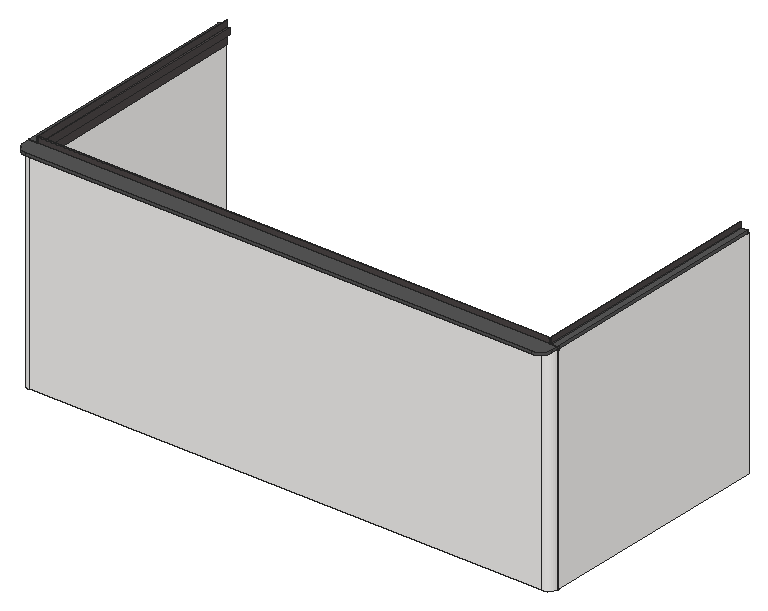
Revit family "vanity unit with 1 drawers for consoles with countertop basin ground", category Furniture, Revit 2019 (continued)
Definition of nested family "vanity unit 1180_550 with 1 drawer for consoles with countertop basin ground-54065670-dark walnut-matt_black-200_content"
  Parameters (values of type "Vanity unit 1180_550 with 1 drawer for consoles with countertop basin ground-54065670-Dark Walnut-MATT_BLACK-200_Content")
    BASENUMBER = "Vanity unit 1180/550 with 1 drawer for consoles with countertop basin ground"
    ARTNR = "54065670"
  Reference planes
    plane 1 "Center (Front/Back)": y = 0
    plane 2: z = 0
    plane 3 "Center (Left/Right)": x = 0
  Forms (mm)
    Extrusion 1, solid, visible <- "ContentVisible", detail levels medium+fine
      sketch origin (0, 0, 0) x (1, 0, 0) y (0, 1, 0)
        loop
          line (-590, 0) -> (-590, -551) -> (590, -551) -> (590, 0) -> (574, 0) -> (574, -117) -> (-574, -117) -> (-574, 0) -> (-590, 0)
      from 0 to 480
    Extrusion 2, solid, visible <- "ContentVisible", detail levels medium+fine
      sketch origin (0, 0, 480) x (1, 0, 0) y (0, 1, 0)
        loop
          line (-588.5, -528.5) -> (-588.5, -571) -> (588.5, -571) -> (588.5, -528.5) -> (-588.5, -528.5)
      from 0 to 5
    Extrusion 3, solid, visible <- "ContentVisible", detail levels medium+fine
      sketch origin (0, 0, 0) x (1, 0, 0) y (0, 0, -1)
        loop
          line (-574, -447) -> (-574, -485) -> (-572.5, -485) -> (-572.5, -447) -> (-574, -447)
      from -530 to 0
    Extrusion 4, solid, visible <- "ContentVisible", detail levels medium+fine
      sketch origin (0, 0, 0) x (1, 0, 0) y (0, 0, -1)
        loop
          line (572.5, -446.8) -> (572.5, -485) -> (574, -485) -> (574, -446.8) -> (572.5, -446.8)
      from -530 to 0
    Extrusion 5, solid, visible <- "ContentVisible", detail levels medium+fine
      sketch origin (0, 0, 480) x (1, 0, 0) y (0, 1, 0)
        loop
          line (-590, 0) -> (-590, -530) -> (-574, -530) -> (-574, 0) -> (-590, 0)
      from 0 to 5
    Extrusion 6, solid, visible <- "ContentVisible", detail levels medium+fine
      sketch origin (0, 0, 480) x (1, 0, 0) y (0, 1, 0)
        loop
          line (574, 0) -> (574, -530) -> (590, -530) -> (590, 0) -> (574, 0)
      from 0 to 5
    Extrusion 7, solid, visible <- "ContentVisible", detail levels medium+fine
      sketch origin (0, 0, 0) x (1, 0, 0) y (0, 0, -1)
        loop
          line (-572.5, -447) -> (-572.5, -496) -> (-566.4, -496) -> (-566.4, -447) -> (-572.5, -447)
      from -528.5 to 0
    Extrusion 8, solid, visible <- "ContentVisible", detail levels medium+fine
      sketch origin (0, 0, 0) x (1, 0, 0) y (0, 0, -1)
        loop
          line (566.4, -447) -> (566.4, -496) -> (572.5, -496) -> (572.5, -447) -> (566.4, -447)
      from -528.5 to 0
    Extrusion 9, solid, visible <- "ContentVisible", detail levels medium+fine
      sketch origin (0, 0, 0) x (0, 0, -1) y (0, 1, 0)
        loop
          line (-496, -528.5) -> (-447, -528.5) -> (-447, -522.4) -> (-496, -522.4) -> (-496, -528.5)
      from -572.5 to 572.5
    Extrusion 10, solid, visible <- "ContentVisible", detail levels coarse
      sketch origin (0, -285.5, 0) x (1, 0, 0) y (0, 1, 0)
        loop
          line (-590, -285.5) -> (590, -285.5) -> (590, 285.5) -> (-590, 285.5) -> (-590, -285.5)
      from 0 to 496
  Dimensions and locks
    aligned and locked: level to plane 2
Definition of nested family "vanity unit 1180_550 with 1 drawer for consoles with countertop basin ground-54065670-dark walnut-matt_black-400_content"
  Parameters (values of type "Vanity unit 1180_550 with 1 drawer for consoles with countertop basin ground-54065670-Dark Walnut-MATT_BLACK-400_Content")
    etim7_EC011381 = "EC011381"
    WEIGHT = "34.3"
    UNSPSC = "56 | Furniture and Furnishings"
    UNIFORMATII = "E2010 | Fixed Furnishings"
    UNICLASS_2015_CODE = "40_30_78_05"
    UNICLASS2015 = "Pr_40_30_78_05 | Bathroom furniture"
    SURFACE = "MATT_BLACK"
    REGIONSET = "Worldwide"
    PRODUCTURL = "https://pro.hansgrohe.com/articledetail--54065000"
    PRODUCTGROUP = "vanity unit"
    PRODUCTFAMILY = "Xelu Q"
    PERMALINK = "54065XXX"
    OMNICLASS = "23-21 19 15 33 13 | Residential Bathroom Specialty Casework"
    OBJECTTYPE = "Object (single object)"
    OBERFLAECHE = "Dark Walnut"
    NN = "Vanity Unit with 1 Drawers for consoles with countertop basin ground"
    NBSYN = "$BASENUMBER.-$ARTNR.-$OBERFLAECHE.-$SURFACE.-$LODLEVEL."
    NB = "Vanity unit 1180/550 with 1 drawer for consoles with countertop basin ground-54065670-Dark Walnut-MATT_BLACK-400"
    NAME = "Xelu Q Vanity unit Dark Walnut 1180/550 with 1 drawer for consoles with countertop basin ground"
    Model = "Vanity unit 1180/550 with 1 drawer for consoles with countertop basin ground-54065670-Dark Walnut-MATT_BLACK-400"
    Manufacturer = "Hansgrohe"
    MASTERFORMAT = "12 35 30.23 | Bathroom Casework"
    LODLEVEL = "400"
    LINA = "Vanity unit 1180/550 with 1 drawer for consoles with countertop basin ground-54065670-Dark Walnut-MATT_BLACK-400"
    L = 1180
    IFC = "Furnishing element"
    GTINCODE = "4059625456408"
    ETIM = "EC011381 | Bathroom furniture set"
    Default Elevation = 1219.2 mm
    DESIGN = "Germany"
    ContentVisible [instance] = yes
    CATALOG = "Hansgrohe"
    BIMOBJECT = "Sanitary: Compound units"
    BASENUMBER = "Vanity unit 1180/550 with 1 drawer for consoles with countertop basin ground"
    ARTNR = "54065670"
  Reference planes
    plane 1 "Center (Front/Back)": y = 0
    plane 2: z = 0
    plane 3 "Center (Left/Right)": x = 0
  Forms (mm)
    Extrusion 1, solid, visible <- "ContentVisible", detail levels medium+fine
      sketch origin (0, 0, 0) x (1, 0, 0) y (0, 1, 0)
        loop
          line (-590, 0) -> (-590, -527)
          arc (-590, -527) -> (-589.121, -529.121) -> (-587, -530) r 3
          line (-587, -530) -> (-574, -530) -> (-574, 0) -> (-590, 0)
      from 0 to 480
    Extrusion 2, solid, visible <- "ContentVisible", detail levels medium+fine
      sketch origin (0, 0, 0) x (1, 0, 0) y (0, 1, 0)
        loop
          line (-574, -133) -> (-574, -499.5) -> (574, -499.5) -> (574, -133) -> (-574, -133)
      from 0 to 16
    Extrusion 3, solid, visible <- "ContentVisible", detail levels medium+fine
      sketch origin (0, 0, 0) x (1, 0, 0) y (0, 1, 0)
        loop
          line (574, 0) -> (574, -530) -> (587, -530)
          arc (587, -530) -> (589.121, -529.121) -> (590, -527) r 3
          line (590, -527) -> (590, 0) -> (574, 0)
      from 0 to 480
    Extrusion 4, solid, visible <- "ContentVisible", detail levels medium+fine
      sketch origin (0, 0, 0) x (1, 0, 0) y (0, 1, 0)
        loop
          line (-574, -117) -> (-574, -133) -> (574, -133) -> (574, -117) -> (-574, -117)
      from 0 to 126
    Extrusion 5, solid, visible <- "ContentVisible", detail levels medium+fine
      sketch origin (0, 0, 2) x (1, 0, 0) y (0, 1, 0)
        loop
          arc (-590, -532) -> (-584.435, -545.435) -> (-571, -551) r 19
          line (-571, -551) -> (571, -551)
          arc (571, -551) -> (584.435, -545.435) -> (590, -532) r 19
          line (590, -532) -> (590, -530) -> (-590, -530) -> (-590, -532)
      from 0 to 478
    Extrusion 6, solid, visible <- "ContentVisible", detail levels medium+fine
      sketch origin (0, 0, 480) x (1, 0, 0) y (0, 1, 0)
        loop
          line (-588.5, -530) -> (-588.5, -546)
          arc (-588.5, -546) -> (-581.178, -563.678) -> (-563.5, -571) r 25
          line (-563.5, -571) -> (563.5, -571)
          arc (563.5, -571) -> (581.178, -563.678) -> (588.5, -546) r 25
          line (588.5, -546) -> (588.5, -530) -> (568.5, -530) -> (568.5, -528.5) -> (-568.5, -528.5) -> (-568.5, -530) -> (-588.5, -530)
      from 0 to 5
    Extrusion 7, solid, visible <- "ContentVisible", detail levels medium+fine
      sketch origin (0, 0, 0) x (0, 0, -1) y (0, 1, 0)
        loop
          line (-480, -528.5) -> (-480, -530) -> (-450, -530) -> (-450, -528.5) -> (-480, -528.5)
      from -568.5 to 568.5
    Extrusion 8, solid, visible <- "ContentVisible", detail levels medium+fine
      sketch origin (0, 0, 0) x (1, 0, 0) y (0, 0, -1)
        loop
          line (-574, -447) -> (-574, -485) -> (-572.5, -485) -> (-572.5, -447) -> (-574, -447)
      from -530 to 0
    Extrusion 9, solid, visible <- "ContentVisible", detail levels medium+fine
      sketch origin (0, 0, 0) x (1, 0, 0) y (0, 0, -1)
        loop
          line (572.5, -446.8) -> (572.5, -485) -> (574, -485) -> (574, -446.8) -> (572.5, -446.8)
      from -530 to 0
    Extrusion 10, solid, visible <- "ContentVisible", detail levels medium+fine
      sketch origin (0, 0, 480) x (1, 0, 0) y (0, 1, 0)
        loop
          line (-590, -3) -> (-590, -527)
          arc (-590, -527) -> (-589.121, -529.121) -> (-587, -530) r 3
          line (-587, -530) -> (-574, -530) -> (-574, 0) -> (-587, 0)
          arc (-587, 0) -> (-589.121, -0.879) -> (-590, -3) r 3
      from 0 to 5
    Extrusion 11, solid, visible <- "ContentVisible", detail levels medium+fine
      sketch origin (0, 0, 480) x (1, 0, 0) y (0, 1, 0)
        loop
          line (574, 0) -> (574, -530) -> (587, -530)
          arc (587, -530) -> (589.121, -529.121) -> (590, -527) r 3
          line (590, -527) -> (590, -3)
          arc (590, -3) -> (589.121, -0.879) -> (587, 0) r 3
          line (587, 0) -> (574, 0)
      from 0 to 5
    Extrusion 12, solid, visible <- "ContentVisible", detail levels medium+fine
      sketch origin (0, 0, 0) x (1, 0, 0) y (0, 0, -1)
        loop
          line (-572.5, -447) -> (-572.5, -496) -> (-571, -496) -> (-571, -483) -> (-566.4, -483) -> (-566.4, -468.5) -> (-571, -468.5) -> (-571, -447) -> (-572.5, -447)
      from -528.5 to 0
    Extrusion 13, solid, visible <- "ContentVisible", detail levels medium+fine
      sketch origin (0, 0, 0) x (1, 0, 0) y (0, 0, -1)
        loop
          line (566.4, -468.5) -> (566.4, -483) -> (571, -483) -> (571, -496) -> (572.5, -496) -> (572.5, -447) -> (571, -447) -> (571, -468.5) -> (566.4, -468.5)
      from -528.5 to 0
    Extrusion 14, solid, visible <- "ContentVisible", detail levels medium+fine
      sketch origin (0, 0, 0) x (0, 0, -1) y (0, 1, 0)
        loop
          line (-496, -528.5) -> (-447, -528.5) -> (-447, -527) -> (-468.5, -527) -> (-468.5, -522.4) -> (-483, -522.4) -> (-483, -527) -> (-496, -527) -> (-496, -528.5)
      from -572.5 to 572.5
    Extrusion 15, solid, visible <- "ContentVisible", detail levels medium+fine
      sketch origin (0, 0, 0) x (0, 0, -1) y (0, 1, 0)
        loop
          line (-440, -477) -> (-440, -493) -> (-366, -493) -> (-366, -477) -> (-440, -477)
      from -574 to 574
    Extrusion 16, solid, visible <- "ContentVisible", detail levels coarse
      sketch origin (0, -285.5, 0) x (1, 0, 0) y (0, 1, 0)
        loop
          line (-590, -285.5) -> (590, -285.5) -> (590, 285.5) -> (-590, 285.5) -> (-590, -285.5)
      from 0 to 496
  Dimensions and locks
    aligned and locked: level to plane 2
Definition of nested family "vanity unit 1180_550 with 1 drawer for consoles with countertop basin ground-54065700-dark walnut-matt_white-200_content"
  Parameters (values of type "Vanity unit 1180_550 with 1 drawer for consoles with countertop basin ground-54065700-Dark Walnut-MATT_WHITE-200_Content")
    etim7_EC011381 = "EC011381"
    WEIGHT = "34.3"
    UNSPSC = "56 | Furniture and Furnishings"
    UNIFORMATII = "E2010 | Fixed Furnishings"
    UNICLASS_2015_CODE = "40_30_78_05"
    UNICLASS2015 = "Pr_40_30_78_05 | Bathroom furniture"
    SURFACE = "MATT_WHITE"
    REGIONSET = "Worldwide"
    PRODUCTURL = "https://pro.hansgrohe.com/articledetail--54065000"
    PRODUCTGROUP = "vanity unit"
    PRODUCTFAMILY = "Xelu Q"
    PERMALINK = "54065XXX"
    OMNICLASS = "23-21 19 15 33 13 | Residential Bathroom Specialty Casework"
    OBJECTTYPE = "Object (single object)"
    OBERFLAECHE = "Dark Walnut"
    NN = "Vanity Unit with 1 Drawers for consoles with countertop basin ground"
    NBSYN = "$BASENUMBER.-$ARTNR.-$OBERFLAECHE.-$SURFACE.-$LODLEVEL."
    NB = "Vanity unit 1180/550 with 1 drawer for consoles with countertop basin ground-54065700-Dark Walnut-MATT_WHITE-200"
    NAME = "Xelu Q Vanity unit Dark Walnut 1180/550 with 1 drawer for consoles with countertop basin ground"
    Model = "Vanity unit 1180/550 with 1 drawer for consoles with countertop basin ground-54065700-Dark Walnut-MATT_WHITE-200"
    Manufacturer = "Hansgrohe"
    MASTERFORMAT = "12 35 30.23 | Bathroom Casework"
    LODLEVEL = "200"
    LINA = "Vanity unit 1180/550 with 1 drawer for consoles with countertop basin ground-54065700-Dark Walnut-MATT_WHITE-200"
    L = 1180
    IFC = "Furnishing element"
    GTINCODE = "4059625456408"
    ETIM = "EC011381 | Bathroom furniture set"
    Default Elevation = 1219.2 mm
    DESIGN = "Germany"
    ContentVisible [instance] = yes
    CATALOG = "Hansgrohe"
    BIMOBJECT = "Sanitary: Compound units"
    BASENUMBER = "Vanity unit 1180/550 with 1 drawer for consoles with countertop basin ground"
    ARTNR = "54065700"
  Reference planes
    plane 1 "Center (Front/Back)": y = 0
    plane 2: z = 0
    plane 3 "Center (Left/Right)": x = 0
  Forms (mm)
    Extrusion 1, solid, visible <- "ContentVisible", detail levels medium+fine
      sketch origin (0, 0, 0) x (1, 0, 0) y (0, 1, 0)
        loop
          line (-590, 0) -> (-590, -551) -> (590, -551) -> (590, 0) -> (574, 0) -> (574, -117) -> (-574, -117) -> (-574, 0) -> (-590, 0)
      from 0 to 480
    Extrusion 2, solid, visible <- "ContentVisible", detail levels medium+fine
      sketch origin (0, 0, 480) x (1, 0, 0) y (0, 1, 0)
        loop
          line (-588.5, -528.5) -> (-588.5, -571) -> (588.5, -571) -> (588.5, -528.5) -> (-588.5, -528.5)
      from 0 to 5
    Extrusion 3, solid, visible <- "ContentVisible", detail levels medium+fine
      sketch origin (0, 0, 0) x (1, 0, 0) y (0, 0, -1)
        loop
          line (-574, -447) -> (-574, -485) -> (-572.5, -485) -> (-572.5, -447) -> (-574, -447)
      from -530 to 0
    Extrusion 4, solid, visible <- "ContentVisible", detail levels medium+fine
      sketch origin (0, 0, 0) x (1, 0, 0) y (0, 0, -1)
        loop
          line (572.5, -446.8) -> (572.5, -485) -> (574, -485) -> (574, -446.8) -> (572.5, -446.8)
      from -530 to 0
    Extrusion 5, solid, visible <- "ContentVisible", detail levels medium+fine
      sketch origin (0, 0, 480) x (1, 0, 0) y (0, 1, 0)
        loop
          line (-590, 0) -> (-590, -530) -> (-574, -530) -> (-574, 0) -> (-590, 0)
      from 0 to 5
    Extrusion 6, solid, visible <- "ContentVisible", detail levels medium+fine
      sketch origin (0, 0, 480) x (1, 0, 0) y (0, 1, 0)
        loop
          line (574, 0) -> (574, -530) -> (590, -530) -> (590, 0) -> (574, 0)
      from 0 to 5
    Extrusion 7, solid, visible <- "ContentVisible", detail levels medium+fine
      sketch origin (0, 0, 0) x (1, 0, 0) y (0, 0, -1)
        loop
          line (-572.5, -447) -> (-572.5, -496) -> (-566.4, -496) -> (-566.4, -447) -> (-572.5, -447)
      from -528.5 to 0
    Extrusion 8, solid, visible <- "ContentVisible", detail levels medium+fine
      sketch origin (0, 0, 0) x (1, 0, 0) y (0, 0, -1)
        loop
          line (566.4, -447) -> (566.4, -496) -> (572.5, -496) -> (572.5, -447) -> (566.4, -447)
      from -528.5 to 0
    Extrusion 9, solid, visible <- "ContentVisible", detail levels medium+fine
      sketch origin (0, 0, 0) x (0, 0, -1) y (0, 1, 0)
        loop
          line (-496, -528.5) -> (-447, -528.5) -> (-447, -522.4) -> (-496, -522.4) -> (-496, -528.5)
      from -572.5 to 572.5
    Extrusion 10, solid, visible <- "ContentVisible", detail levels coarse
      sketch origin (0, -285.5, 0) x (1, 0, 0) y (0, 1, 0)
        loop
          line (-590, -285.5) -> (590, -285.5) -> (590, 285.5) -> (-590, 285.5) -> (-590, -285.5)
      from 0 to 496
  Dimensions and locks
    aligned and locked: level to plane 2
Definition of nested family "vanity unit 1180_550 with 1 drawer for consoles with countertop basin ground-54065700-dark walnut-matt_white-400_content"
  Parameters (values of type "Vanity unit 1180_550 with 1 drawer for consoles with countertop basin ground-54065700-Dark Walnut-MATT_WHITE-400_Content")
    etim7_EC011381 = "EC011381"
    WEIGHT = "34.3"
    UNSPSC = "56 | Furniture and Furnishings"
    UNIFORMATII = "E2010 | Fixed Furnishings"
    UNICLASS_2015_CODE = "40_30_78_05"
    UNICLASS2015 = "Pr_40_30_78_05 | Bathroom furniture"
    SURFACE = "MATT_WHITE"
    REGIONSET = "Worldwide"
    PRODUCTURL = "https://pro.hansgrohe.com/articledetail--54065000"
    PRODUCTGROUP = "vanity unit"
    PRODUCTFAMILY = "Xelu Q"
    PERMALINK = "54065XXX"
    OMNICLASS = "23-21 19 15 33 13 | Residential Bathroom Specialty Casework"
    OBJECTTYPE = "Object (single object)"
    OBERFLAECHE = "Dark Walnut"
    NN = "Vanity Unit with 1 Drawers for consoles with countertop basin ground"
    NBSYN = "$BASENUMBER.-$ARTNR.-$OBERFLAECHE.-$SURFACE.-$LODLEVEL."
    NB = "Vanity unit 1180/550 with 1 drawer for consoles with countertop basin ground-54065700-Dark Walnut-MATT_WHITE-400"
    NAME = "Xelu Q Vanity unit Dark Walnut 1180/550 with 1 drawer for consoles with countertop basin ground"
    Model = "Vanity unit 1180/550 with 1 drawer for consoles with countertop basin ground-54065700-Dark Walnut-MATT_WHITE-400"
    Manufacturer = "Hansgrohe"
    MASTERFORMAT = "12 35 30.23 | Bathroom Casework"
    LODLEVEL = "400"
    LINA = "Vanity unit 1180/550 with 1 drawer for consoles with countertop basin ground-54065700-Dark Walnut-MATT_WHITE-400"
    L = 1180
    IFC = "Furnishing element"
    GTINCODE = "4059625456408"
    ETIM = "EC011381 | Bathroom furniture set"
    Default Elevation = 1219.2 mm
    DESIGN = "Germany"
    ContentVisible [instance] = yes
    CATALOG = "Hansgrohe"
    BIMOBJECT = "Sanitary: Compound units"
    BASENUMBER = "Vanity unit 1180/550 with 1 drawer for consoles with countertop basin ground"
    ARTNR = "54065700"
  Reference planes
    plane 1 "Center (Front/Back)": y = 0
    plane 2: z = 0
    plane 3 "Center (Left/Right)": x = 0
  Forms (mm)
    Extrusion 1, solid, visible <- "ContentVisible", detail levels medium+fine
      sketch origin (0, 0, 0) x (1, 0, 0) y (0, 1, 0)
        loop
          line (-590, 0) -> (-590, -527)
          arc (-590, -527) -> (-589.121, -529.121) -> (-587, -530) r 3
          line (-587, -530) -> (-574, -530) -> (-574, 0) -> (-590, 0)
      from 0 to 480
    Extrusion 2, solid, visible <- "ContentVisible", detail levels medium+fine
      sketch origin (0, 0, 0) x (1, 0, 0) y (0, 1, 0)
        loop
          line (-574, -133) -> (-574, -499.5) -> (574, -499.5) -> (574, -133) -> (-574, -133)
      from 0 to 16
    Extrusion 3, solid, visible <- "ContentVisible", detail levels medium+fine
      sketch origin (0, 0, 0) x (1, 0, 0) y (0, 1, 0)
        loop
          line (574, 0) -> (574, -530) -> (587, -530)
          arc (587, -530) -> (589.121, -529.121) -> (590, -527) r 3
          line (590, -527) -> (590, 0) -> (574, 0)
      from 0 to 480
    Extrusion 4, solid, visible <- "ContentVisible", detail levels medium+fine
      sketch origin (0, 0, 0) x (1, 0, 0) y (0, 1, 0)
        loop
          line (-574, -117) -> (-574, -133) -> (574, -133) -> (574, -117) -> (-574, -117)
      from 0 to 126
    Extrusion 5, solid, visible <- "ContentVisible", detail levels medium+fine
      sketch origin (0, 0, 2) x (1, 0, 0) y (0, 1, 0)
        loop
          arc (-590, -532) -> (-584.435, -545.435) -> (-571, -551) r 19
          line (-571, -551) -> (571, -551)
          arc (571, -551) -> (584.435, -545.435) -> (590, -532) r 19
          line (590, -532) -> (590, -530) -> (-590, -530) -> (-590, -532)
      from 0 to 478
    Extrusion 6, solid, visible <- "ContentVisible", detail levels medium+fine
      sketch origin (0, 0, 480) x (1, 0, 0) y (0, 1, 0)
        loop
          line (-588.5, -530) -> (-588.5, -546)
          arc (-588.5, -546) -> (-581.178, -563.678) -> (-563.5, -571) r 25
          line (-563.5, -571) -> (563.5, -571)
          arc (563.5, -571) -> (581.178, -563.678) -> (588.5, -546) r 25
          line (588.5, -546) -> (588.5, -530) -> (568.5, -530) -> (568.5, -528.5) -> (-568.5, -528.5) -> (-568.5, -530) -> (-588.5, -530)
      from 0 to 5
    Extrusion 7, solid, visible <- "ContentVisible", detail levels medium+fine
      sketch origin (0, 0, 0) x (0, 0, -1) y (0, 1, 0)
        loop
          line (-480, -528.5) -> (-480, -530) -> (-450, -530) -> (-450, -528.5) -> (-480, -528.5)
      from -568.5 to 568.5
    Extrusion 8, solid, visible <- "ContentVisible", detail levels medium+fine
      sketch origin (0, 0, 0) x (1, 0, 0) y (0, 0, -1)
        loop
          line (-574, -447) -> (-574, -485) -> (-572.5, -485) -> (-572.5, -447) -> (-574, -447)
      from -530 to 0
    Extrusion 9, solid, visible <- "ContentVisible", detail levels medium+fine
      sketch origin (0, 0, 0) x (1, 0, 0) y (0, 0, -1)
        loop
          line (572.5, -446.8) -> (572.5, -485) -> (574, -485) -> (574, -446.8) -> (572.5, -446.8)
      from -530 to 0
    Extrusion 10, solid, visible <- "ContentVisible", detail levels medium+fine
      sketch origin (0, 0, 480) x (1, 0, 0) y (0, 1, 0)
        loop
          line (-590, -3) -> (-590, -527)
          arc (-590, -527) -> (-589.121, -529.121) -> (-587, -530) r 3
          line (-587, -530) -> (-574, -530) -> (-574, 0) -> (-587, 0)
          arc (-587, 0) -> (-589.121, -0.879) -> (-590, -3) r 3
      from 0 to 5
    Extrusion 11, solid, visible <- "ContentVisible", detail levels medium+fine
      sketch origin (0, 0, 480) x (1, 0, 0) y (0, 1, 0)
        loop
          line (574, 0) -> (574, -530) -> (587, -530)
          arc (587, -530) -> (589.121, -529.121) -> (590, -527) r 3
          line (590, -527) -> (590, -3)
          arc (590, -3) -> (589.121, -0.879) -> (587, 0) r 3
          line (587, 0) -> (574, 0)
      from 0 to 5
    Extrusion 12, solid, visible <- "ContentVisible", detail levels medium+fine
      sketch origin (0, 0, 0) x (1, 0, 0) y (0, 0, -1)
        loop
          line (-572.5, -447) -> (-572.5, -496) -> (-571, -496) -> (-571, -483) -> (-566.4, -483) -> (-566.4, -468.5) -> (-571, -468.5) -> (-571, -447) -> (-572.5, -447)
      from -528.5 to 0
    Extrusion 13, solid, visible <- "ContentVisible", detail levels medium+fine
      sketch origin (0, 0, 0) x (1, 0, 0) y (0, 0, -1)
        loop
          line (566.4, -468.5) -> (566.4, -483) -> (571, -483) -> (571, -496) -> (572.5, -496) -> (572.5, -447) -> (571, -447) -> (571, -468.5) -> (566.4, -468.5)
      from -528.5 to 0
    Extrusion 14, solid, visible <- "ContentVisible", detail levels medium+fine
      sketch origin (0, 0, 0) x (0, 0, -1) y (0, 1, 0)
        loop
          line (-496, -528.5) -> (-447, -528.5) -> (-447, -527) -> (-468.5, -527) -> (-468.5, -522.4) -> (-483, -522.4) -> (-483, -527) -> (-496, -527) -> (-496, -528.5)
      from -572.5 to 572.5
    Extrusion 15, solid, visible <- "ContentVisible", detail levels medium+fine
      sketch origin (0, 0, 0) x (0, 0, -1) y (0, 1, 0)
        loop
          line (-440, -477) -> (-440, -493) -> (-366, -493) -> (-366, -477) -> (-440, -477)
      from -574 to 574
    Extrusion 16, solid, visible <- "ContentVisible", detail levels coarse
      sketch origin (0, -285.5, 0) x (1, 0, 0) y (0, 1, 0)
        loop
          line (-590, -285.5) -> (590, -285.5) -> (590, 285.5) -> (-590, 285.5) -> (-590, -285.5)
      from 0 to 496
  Dimensions and locks
    aligned and locked: level to plane 2
Definition of nested family "vanity unit 780_550 with 1 drawer for consoles with countertop basin ground-54054000-high gloss white-chrome-200_content"
  Parameters (values of type "Vanity unit 780_550 with 1 drawer for consoles with countertop basin ground-54054000-High Gloss White-CHROME-200_Content")
    etim7_EC011381 = "EC011381"
    WEIGHT = "25.7"
    UNSPSC = "56 | Furniture and Furnishings"
    UNIFORMATII = "E2010 | Fixed Furnishings"
    UNICLASS_2015_CODE = "40_30_78_05"
    UNICLASS2015 = "Pr_40_30_78_05 | Bathroom furniture"
    SURFACE = "CHROME"
    SPECIFICATION = "Surfaces:  - 54054000 Chrome - 54054670 Matt Black - 54054700 Matt White   Specification:  • consists of: vanity unit, 1 basic boxes set  • material body: medium density fiberboard (MDF)  • surface material body: thermofoil  • material front: medium density fiberboard (MDF)  • 1 drawer • without siphon cutout • opening type: full pull-out  • with handle bar • material handles: aluminium  • SoftClose, for gentle closing • wall-mounted • suitable for console, countertop basin ground • washbasin and console must be ordered separately"
    REGIONSET = "Worldwide"
    PRODUCTURL = "https://pro.hansgrohe.com/articledetail--54054000"
    PRODUCTGROUP = "vanity unit"
    PRODUCTFAMILY = "Xelu Q"
    PERMALINK = "54054XXX"
    OMNICLASS = "23-21 19 15 33 13 | Residential Bathroom Specialty Casework"
    OBJECTTYPE = "Object (single object)"
    OBERFLAECHE = "High Gloss White"
    NN = "Vanity Unit with 1 Drawers for consoles with countertop basin ground"
    NBSYN = "$BASENUMBER.-$ARTNR.-$OBERFLAECHE.-$SURFACE.-$LODLEVEL."
    NB = "Vanity unit 780/550 with 1 drawer for consoles with countertop basin ground-54054000-High Gloss White-CHROME-200"
    NAME = "Xelu Q Vanity unit High Gloss White 780/550 with 1 drawer for consoles with countertop basin ground"
    Model = "Vanity unit 780/550 with 1 drawer for consoles with countertop basin ground-54054000-High Gloss White-CHROME-200"
    Manufacturer = "Hansgrohe"
    MASTERFORMAT = "12 35 30.23 | Bathroom Casework"
    LODLEVEL = "200"
    LINA = "Vanity unit 780/550 with 1 drawer for consoles with countertop basin ground-54054000-High Gloss White-CHROME-200"
    L = 780
    IFC = "Furnishing element"
    GTINCODE = "4059625455937"
    ETIM = "EC011381 | Bathroom furniture set"
    Default Elevation = 1219.2 mm
    DESIGN = "Germany"
    ContentVisible [instance] = yes
    CATALOG = "Hansgrohe"
    BIMOBJECT = "Sanitary: Compound units"
    BASENUMBER = "Vanity unit 780/550 with 1 drawer for consoles with countertop basin ground"
    ARTNR = "54054000"
  Reference planes
    plane 1 "Center (Front/Back)": y = 0
    plane 2: z = 0
    plane 3 "Center (Left/Right)": x = 0
  Forms (mm)
    Extrusion 1, solid, visible <- "ContentVisible", detail levels medium+fine
      sketch origin (0, 0, 0) x (1, 0, 0) y (0, 1, 0)
        loop
          line (-390, 0) -> (-390, -551) -> (390, -551) -> (390, 0) -> (374, 0) -> (374, -117) -> (-374, -117) -> (-374, 0) -> (-390, 0)
      from 0 to 480
    Extrusion 2, solid, visible <- "ContentVisible", detail levels medium+fine
      sketch origin (0, 0, 480) x (1, 0, 0) y (0, 1, 0)
        loop
          line (-388.5, -528.5) -> (-388.5, -571) -> (388.5, -571) -> (388.5, -528.5) -> (-388.5, -528.5)
      from 0 to 5
    Extrusion 3, solid, visible <- "ContentVisible", detail levels medium+fine
      sketch origin (0, 0, 0) x (1, 0, 0) y (0, 0, -1)
        loop
          line (-374, -447) -> (-374, -485) -> (-372.5, -485) -> (-372.5, -447) -> (-374, -447)
      from -530 to 0
    Extrusion 4, solid, visible <- "ContentVisible", detail levels medium+fine
      sketch origin (0, 0, 0) x (1, 0, 0) y (0, 0, -1)
        loop
          line (372.5, -446.8) -> (372.5, -485) -> (374, -485) -> (374, -446.8) -> (372.5, -446.8)
      from -530 to 0
    Extrusion 5, solid, visible <- "ContentVisible", detail levels medium+fine
      sketch origin (0, 0, 480) x (1, 0, 0) y (0, 1, 0)
        loop
          line (-390, 0) -> (-390, -530) -> (-374, -530) -> (-374, 0) -> (-390, 0)
      from 0 to 5
    Extrusion 6, solid, visible <- "ContentVisible", detail levels medium+fine
      sketch origin (0, 0, 480) x (1, 0, 0) y (0, 1, 0)
        loop
          line (374, 0) -> (374, -530) -> (390, -530) -> (390, 0) -> (374, 0)
      from 0 to 5
    Extrusion 7, solid, visible <- "ContentVisible", detail levels medium+fine
      sketch origin (0, 0, 0) x (1, 0, 0) y (0, 0, -1)
        loop
          line (-372.5, -447) -> (-372.5, -496) -> (-366.4, -496) -> (-366.4, -447) -> (-372.5, -447)
      from -528.5 to 0
    Extrusion 8, solid, visible <- "ContentVisible", detail levels medium+fine
      sketch origin (0, 0, 0) x (1, 0, 0) y (0, 0, -1)
        loop
          line (366.4, -447) -> (366.4, -496) -> (372.5, -496) -> (372.5, -447) -> (366.4, -447)
      from -528.5 to 0
    Extrusion 9, solid, visible <- "ContentVisible", detail levels medium+fine
      sketch origin (0, 0, 0) x (0, 0, -1) y (0, 1, 0)
        loop
          line (-496, -528.5) -> (-447, -528.5) -> (-447, -522.4) -> (-496, -522.4) -> (-496, -528.5)
      from -372.5 to 372.5
    Extrusion 10, solid, visible <- "ContentVisible", detail levels coarse
      sketch origin (0, -285.5, 0) x (1, 0, 0) y (0, 1, 0)
        loop
          line (-390, -285.5) -> (390, -285.5) -> (390, 285.5) -> (-390, 285.5) -> (-390, -285.5)
      from 0 to 496
  Dimensions and locks
    aligned and locked: level to plane 2
Definition of nested family "vanity unit 780_550 with 1 drawer for consoles with countertop basin ground-54054000-high gloss white-chrome-400_content"
  Parameters (values of type "Vanity unit 780_550 with 1 drawer for consoles with countertop basin ground-54054000-High Gloss White-CHROME-400_Content")
    etim7_EC011381 = "EC011381"
    WEIGHT = "25.7"
    UNSPSC = "56 | Furniture and Furnishings"
    UNIFORMATII = "E2010 | Fixed Furnishings"
    UNICLASS_2015_CODE = "40_30_78_05"
    UNICLASS2015 = "Pr_40_30_78_05 | Bathroom furniture"
    SURFACE = "CHROME"
    SPECIFICATION = "Surfaces:  - 54054000 Chrome - 54054670 Matt Black - 54054700 Matt White   Specification:  • consists of: vanity unit, 1 basic boxes set  • material body: medium density fiberboard (MDF)  • surface material body: thermofoil  • material front: medium density fiberboard (MDF)  • 1 drawer • without siphon cutout • opening type: full pull-out  • with handle bar • material handles: aluminium  • SoftClose, for gentle closing • wall-mounted • suitable for console, countertop basin ground • washbasin and console must be ordered separately"
    REGIONSET = "Worldwide"
    PRODUCTURL = "https://pro.hansgrohe.com/articledetail--54054000"
    PRODUCTGROUP = "vanity unit"
    PRODUCTFAMILY = "Xelu Q"
    PERMALINK = "54054XXX"
    OMNICLASS = "23-21 19 15 33 13 | Residential Bathroom Specialty Casework"
    OBJECTTYPE = "Object (single object)"
    OBERFLAECHE = "High Gloss White"
    NN = "Vanity Unit with 1 Drawers for consoles with countertop basin ground"
    NBSYN = "$BASENUMBER.-$ARTNR.-$OBERFLAECHE.-$SURFACE.-$LODLEVEL."
    NB = "Vanity unit 780/550 with 1 drawer for consoles with countertop basin ground-54054000-High Gloss White-CHROME-400"
    NAME = "Xelu Q Vanity unit High Gloss White 780/550 with 1 drawer for consoles with countertop basin ground"
    Model = "Vanity unit 780/550 with 1 drawer for consoles with countertop basin ground-54054000-High Gloss White-CHROME-400"
    Manufacturer = "Hansgrohe"
    MASTERFORMAT = "12 35 30.23 | Bathroom Casework"
    LODLEVEL = "400"
    LINA = "Vanity unit 780/550 with 1 drawer for consoles with countertop basin ground-54054000-High Gloss White-CHROME-400"
    L = 780
    IFC = "Furnishing element"
    GTINCODE = "4059625455937"
    ETIM = "EC011381 | Bathroom furniture set"
    Default Elevation = 1219.2 mm
    DESIGN = "Germany"
    ContentVisible [instance] = yes
    CATALOG = "Hansgrohe"
    BIMOBJECT = "Sanitary: Compound units"
    BASENUMBER = "Vanity unit 780/550 with 1 drawer for consoles with countertop basin ground"
    ARTNR = "54054000"
  Reference planes
    plane 1 "Center (Front/Back)": y = 0
    plane 2: z = 0
    plane 3 "Center (Left/Right)": x = 0
  Forms (mm)
    Extrusion 1, solid, visible <- "ContentVisible", detail levels medium+fine
      sketch origin (0, 0, 0) x (1, 0, 0) y (0, 1, 0)
        loop
          line (-390, 0) -> (-390, -527)
          arc (-390, -527) -> (-389.121, -529.121) -> (-387, -530) r 3
          line (-387, -530) -> (-374, -530) -> (-374, 0) -> (-390, 0)
      from 0 to 480
    Extrusion 2, solid, visible <- "ContentVisible", detail levels medium+fine
      sketch origin (0, 0, 0) x (1, 0, 0) y (0, 1, 0)
        loop
          line (-374, -133) -> (-374, -499.5) -> (374, -499.5) -> (374, -133) -> (-374, -133)
      from 0 to 16
    Extrusion 3, solid, visible <- "ContentVisible", detail levels medium+fine
      sketch origin (0, 0, 0) x (1, 0, 0) y (0, 1, 0)
        loop
          line (374, 0) -> (374, -530) -> (387, -530)
          arc (387, -530) -> (389.121, -529.121) -> (390, -527) r 3
          line (390, -527) -> (390, 0) -> (374, 0)
      from 0 to 480
    Extrusion 4, solid, visible <- "ContentVisible", detail levels medium+fine
      sketch origin (0, 0, 0) x (1, 0, 0) y (0, 1, 0)
        loop
          line (-374, -117) -> (-374, -133) -> (374, -133) -> (374, -117) -> (-374, -117)
      from 0 to 126
    Extrusion 5, solid, visible <- "ContentVisible", detail levels medium+fine
      sketch origin (0, 0, 2) x (1, 0, 0) y (0, 1, 0)
        loop
          arc (-390, -532) -> (-384.435, -545.435) -> (-371, -551) r 19
          line (-371, -551) -> (371, -551)
          arc (371, -551) -> (384.435, -545.435) -> (390, -532) r 19
          line (390, -532) -> (390, -530) -> (-390, -530) -> (-390, -532)
      from 0 to 478
    Extrusion 6, solid, visible <- "ContentVisible", detail levels medium+fine
      sketch origin (0, 0, 480) x (1, 0, 0) y (0, 1, 0)
        loop
          line (-388.5, -530) -> (-388.5, -546)
          arc (-388.5, -546) -> (-381.178, -563.678) -> (-363.5, -571) r 25
          line (-363.5, -571) -> (363.5, -571)
          arc (363.5, -571) -> (381.178, -563.678) -> (388.5, -546) r 25
          line (388.5, -546) -> (388.5, -530) -> (368.5, -530) -> (368.5, -528.5) -> (-368.5, -528.5) -> (-368.5, -530) -> (-388.5, -530)
      from 0 to 5
    Extrusion 7, solid, visible <- "ContentVisible", detail levels medium+fine
      sketch origin (0, 0, 0) x (0, 0, -1) y (0, 1, 0)
        loop
          line (-480, -528.5) -> (-480, -530) -> (-450, -530) -> (-450, -528.5) -> (-480, -528.5)
      from -368.5 to 368.5
    Extrusion 8, solid, visible <- "ContentVisible", detail levels medium+fine
      sketch origin (0, 0, 0) x (1, 0, 0) y (0, 0, -1)
        loop
          line (-374, -447) -> (-374, -485) -> (-372.5, -485) -> (-372.5, -447) -> (-374, -447)
      from -530 to 0
    Extrusion 9, solid, visible <- "ContentVisible", detail levels medium+fine
      sketch origin (0, 0, 0) x (1, 0, 0) y (0, 0, -1)
        loop
          line (372.5, -446.8) -> (372.5, -485) -> (374, -485) -> (374, -446.8) -> (372.5, -446.8)
      from -530 to 0
    Extrusion 10, solid, visible <- "ContentVisible", detail levels medium+fine
      sketch origin (0, 0, 480) x (1, 0, 0) y (0, 1, 0)
        loop
          line (-390, -3) -> (-390, -527)
          arc (-390, -527) -> (-389.121, -529.121) -> (-387, -530) r 3
          line (-387, -530) -> (-374, -530) -> (-374, 0) -> (-387, 0)
          arc (-387, 0) -> (-389.121, -0.879) -> (-390, -3) r 3
      from 0 to 5
    Extrusion 11, solid, visible <- "ContentVisible", detail levels medium+fine
      sketch origin (0, 0, 480) x (1, 0, 0) y (0, 1, 0)
        loop
          line (374, 0) -> (374, -530) -> (387, -530)
          arc (387, -530) -> (389.121, -529.121) -> (390, -527) r 3
          line (390, -527) -> (390, -3)
          arc (390, -3) -> (389.121, -0.879) -> (387, 0) r 3
          line (387, 0) -> (374, 0)
      from 0 to 5
    Extrusion 12, solid, visible <- "ContentVisible", detail levels medium+fine
      sketch origin (0, 0, 0) x (1, 0, 0) y (0, 0, -1)
        loop
          line (-372.5, -447) -> (-372.5, -496) -> (-371, -496) -> (-371, -483) -> (-366.4, -483) -> (-366.4, -468.5) -> (-371, -468.5) -> (-371, -447) -> (-372.5, -447)
      from -528.5 to 0
    Extrusion 13, solid, visible <- "ContentVisible", detail levels medium+fine
      sketch origin (0, 0, 0) x (1, 0, 0) y (0, 0, -1)
        loop
          line (366.4, -468.5) -> (366.4, -483) -> (371, -483) -> (371, -496) -> (372.5, -496) -> (372.5, -447) -> (371, -447) -> (371, -468.5) -> (366.4, -468.5)
      from -528.5 to 0
    Extrusion 14, solid, visible <- "ContentVisible", detail levels medium+fine
      sketch origin (0, 0, 0) x (0, 0, -1) y (0, 1, 0)
        loop
          line (-496, -528.5) -> (-447, -528.5) -> (-447, -527) -> (-468.5, -527) -> (-468.5, -522.4) -> (-483, -522.4) -> (-483, -527) -> (-496, -527) -> (-496, -528.5)
      from -372.5 to 372.5
    Extrusion 15, solid, visible <- "ContentVisible", detail levels medium+fine
      sketch origin (0, 0, 0) x (0, 0, -1) y (0, 1, 0)
        loop
          line (-440, -477) -> (-440, -493) -> (-366, -493) -> (-366, -477) -> (-440, -477)
      from -374 to 374
    Extrusion 16, solid, visible <- "ContentVisible", detail levels coarse
      sketch origin (0, -285.5, 0) x (1, 0, 0) y (0, 1, 0)
        loop
          line (-390, -285.5) -> (390, -285.5) -> (390, 285.5) -> (-390, 285.5) -> (-390, -285.5)
      from 0 to 496
  Dimensions and locks
    aligned and locked: level to plane 2
Definition of nested family "vanity unit 780_550 with 1 drawer for consoles with countertop basin ground-54054670-high gloss white-matt_black-200_con"
  Parameters (values of type "Vanity unit 780_550 with 1 drawer for consoles with countertop basin ground-54054670-High Gloss White-MATT_BLACK-200_Con")
    etim7_EC011381 = "EC011381"
    WEIGHT = "25.7"
    UNSPSC = "56 | Furniture and Furnishings"
    UNIFORMATII = "E2010 | Fixed Furnishings"
    UNICLASS_2015_CODE = "40_30_78_05"
    UNICLASS2015 = "Pr_40_30_78_05 | Bathroom furniture"
    SURFACE = "MATT_BLACK"
    SPECIFICATION = "Surfaces:  - 54054000 Chrome - 54054670 Matt Black - 54054700 Matt White   Specification:  • consists of: vanity unit, 1 basic boxes set  • material body: medium density fiberboard (MDF)  • surface material body: thermofoil  • material front: medium density fiberboard (MDF)  • 1 drawer • without siphon cutout • opening type: full pull-out  • with handle bar • material handles: aluminium  • SoftClose, for gentle closing • wall-mounted • suitable for console, countertop basin ground • washbasin and console must be ordered separately"
    PRODUCTURL = "https://pro.hansgrohe.com/articledetail--54054000"
    PRODUCTGROUP = "vanity unit"
    PRODUCTFAMILY = "Xelu Q"
    PERMALINK = "54054XXX"
    OMNICLASS = "23-21 19 15 33 13 | Residential Bathroom Specialty Casework"
    OBJECTTYPE = "Object (single object)"
    OBERFLAECHE = "High Gloss White"
    NN = "Vanity Unit with 1 Drawers for consoles with countertop basin ground"
    NBSYN = "$BASENUMBER.-$ARTNR.-$OBERFLAECHE.-$SURFACE.-$LODLEVEL."
    NB = "Vanity unit 780/550 with 1 drawer for consoles with countertop basin ground-54054670-High Gloss White-MATT_BLACK-200"
    NAME = "Xelu Q Vanity unit High Gloss White 780/550 with 1 drawer for consoles with countertop basin ground"
    Model = "Vanity unit 780/550 with 1 drawer for consoles with countertop basin ground-54054670-High Gloss White-MATT_BLACK-200"
    Manufacturer = "Hansgrohe"
    MASTERFORMAT = "12 35 30.23 | Bathroom Casework"
    LODLEVEL = "200"
    LINA = "Vanity unit 780/550 with 1 drawer for consoles with countertop basin ground-54054670-High Gloss White-MATT_BLACK-200"
    L = 780
    IFC = "Furnishing element"
    GTINCODE = "4059625455937"
    ETIM = "EC011381 | Bathroom furniture set"
    Default Elevation = 1219.2 mm
    DESIGN = "Germany"
    ContentVisible [instance] = yes
    CATALOG = "Hansgrohe"
    BIMOBJECT = "Sanitary: Compound units"
    BASENUMBER = "Vanity unit 780/550 with 1 drawer for consoles with countertop basin ground"
    ARTNR = "54054670"
  Reference planes
    plane 1 "Center (Front/Back)": y = 0
    plane 2: z = 0
    plane 3 "Center (Left/Right)": x = 0
  Forms (mm)
    Extrusion 1, solid, visible <- "ContentVisible", detail levels medium+fine
      sketch origin (0, 0, 0) x (1, 0, 0) y (0, 1, 0)
        loop
          line (-390, 0) -> (-390, -551) -> (390, -551) -> (390, 0) -> (374, 0) -> (374, -117) -> (-374, -117) -> (-374, 0) -> (-390, 0)
      from 0 to 480
    Extrusion 2, solid, visible <- "ContentVisible", detail levels medium+fine
      sketch origin (0, 0, 480) x (1, 0, 0) y (0, 1, 0)
        loop
          line (-388.5, -528.5) -> (-388.5, -571) -> (388.5, -571) -> (388.5, -528.5) -> (-388.5, -528.5)
      from 0 to 5
    Extrusion 3, solid, visible <- "ContentVisible", detail levels medium+fine
      sketch origin (0, 0, 0) x (1, 0, 0) y (0, 0, -1)
        loop
          line (-374, -447) -> (-374, -485) -> (-372.5, -485) -> (-372.5, -447) -> (-374, -447)
      from -530 to 0
    Extrusion 4, solid, visible <- "ContentVisible", detail levels medium+fine
      sketch origin (0, 0, 0) x (1, 0, 0) y (0, 0, -1)
        loop
          line (372.5, -446.8) -> (372.5, -485) -> (374, -485) -> (374, -446.8) -> (372.5, -446.8)
      from -530 to 0
    Extrusion 5, solid, visible <- "ContentVisible", detail levels medium+fine
      sketch origin (0, 0, 480) x (1, 0, 0) y (0, 1, 0)
        loop
          line (-390, 0) -> (-390, -530) -> (-374, -530) -> (-374, 0) -> (-390, 0)
      from 0 to 5
    Extrusion 6, solid, visible <- "ContentVisible", detail levels medium+fine
      sketch origin (0, 0, 480) x (1, 0, 0) y (0, 1, 0)
        loop
          line (374, 0) -> (374, -530) -> (390, -530) -> (390, 0) -> (374, 0)
      from 0 to 5
    Extrusion 7, solid, visible <- "ContentVisible", detail levels medium+fine
      sketch origin (0, 0, 0) x (1, 0, 0) y (0, 0, -1)
        loop
          line (-372.5, -447) -> (-372.5, -496) -> (-366.4, -496) -> (-366.4, -447) -> (-372.5, -447)
      from -528.5 to 0
    Extrusion 8, solid, visible <- "ContentVisible", detail levels medium+fine
      sketch origin (0, 0, 0) x (1, 0, 0) y (0, 0, -1)
        loop
          line (366.4, -447) -> (366.4, -496) -> (372.5, -496) -> (372.5, -447) -> (366.4, -447)
      from -528.5 to 0
    Extrusion 9, solid, visible <- "ContentVisible", detail levels medium+fine
      sketch origin (0, 0, 0) x (0, 0, -1) y (0, 1, 0)
        loop
          line (-496, -528.5) -> (-447, -528.5) -> (-447, -522.4) -> (-496, -522.4) -> (-496, -528.5)
      from -372.5 to 372.5
    Extrusion 10, solid, visible <- "ContentVisible", detail levels coarse
      sketch origin (0, -285.5, 0) x (1, 0, 0) y (0, 1, 0)
        loop
          line (-390, -285.5) -> (390, -285.5) -> (390, 285.5) -> (-390, 285.5) -> (-390, -285.5)
      from 0 to 496
  Dimensions and locks
    aligned and locked: level to plane 2
Definition of nested family "vanity unit 780_550 with 1 drawer for consoles with countertop basin ground-54054670-high gloss white-matt_black-400_con"
  Parameters (values of type "Vanity unit 780_550 with 1 drawer for consoles with countertop basin ground-54054670-High Gloss White-MATT_BLACK-400_Con")
    etim7_EC011381 = "EC011381"
    WEIGHT = "25.7"
    UNSPSC = "56 | Furniture and Furnishings"
    UNIFORMATII = "E2010 | Fixed Furnishings"
    UNICLASS_2015_CODE = "40_30_78_05"
    UNICLASS2015 = "Pr_40_30_78_05 | Bathroom furniture"
    SURFACE = "MATT_BLACK"
    SPECIFICATION = "Surfaces:  - 54054000 Chrome - 54054670 Matt Black - 54054700 Matt White   Specification:  • consists of: vanity unit, 1 basic boxes set  • material body: medium density fiberboard (MDF)  • surface material body: thermofoil  • material front: medium density fiberboard (MDF)  • 1 drawer • without siphon cutout • opening type: full pull-out  • with handle bar • material handles: aluminium  • SoftClose, for gentle closing • wall-mounted • suitable for console, countertop basin ground • washbasin and console must be ordered separately"
    PRODUCTURL = "https://pro.hansgrohe.com/articledetail--54054000"
    PRODUCTGROUP = "vanity unit"
    PRODUCTFAMILY = "Xelu Q"
    PERMALINK = "54054XXX"
    OMNICLASS = "23-21 19 15 33 13 | Residential Bathroom Specialty Casework"
    OBJECTTYPE = "Object (single object)"
    OBERFLAECHE = "High Gloss White"
    NN = "Vanity Unit with 1 Drawers for consoles with countertop basin ground"
    NBSYN = "$BASENUMBER.-$ARTNR.-$OBERFLAECHE.-$SURFACE.-$LODLEVEL."
    NB = "Vanity unit 780/550 with 1 drawer for consoles with countertop basin ground-54054670-High Gloss White-MATT_BLACK-400"
    NAME = "Xelu Q Vanity unit High Gloss White 780/550 with 1 drawer for consoles with countertop basin ground"
    Model = "Vanity unit 780/550 with 1 drawer for consoles with countertop basin ground-54054670-High Gloss White-MATT_BLACK-400"
    Manufacturer = "Hansgrohe"
    MASTERFORMAT = "12 35 30.23 | Bathroom Casework"
    LODLEVEL = "400"
    LINA = "Vanity unit 780/550 with 1 drawer for consoles with countertop basin ground-54054670-High Gloss White-MATT_BLACK-400"
    L = 780
    IFC = "Furnishing element"
    GTINCODE = "4059625455937"
    ETIM = "EC011381 | Bathroom furniture set"
    Default Elevation = 1219.2 mm
    DESIGN = "Germany"
    ContentVisible [instance] = yes
    CATALOG = "Hansgrohe"
    BIMOBJECT = "Sanitary: Compound units"
    BASENUMBER = "Vanity unit 780/550 with 1 drawer for consoles with countertop basin ground"
    ARTNR = "54054670"
  Reference planes
    plane 1 "Center (Front/Back)": y = 0
    plane 2: z = 0
    plane 3 "Center (Left/Right)": x = 0
  Forms (mm)
    Extrusion 1, solid, visible <- "ContentVisible", detail levels medium+fine
      sketch origin (0, 0, 0) x (1, 0, 0) y (0, 1, 0)
        loop
          line (-390, 0) -> (-390, -527)
          arc (-390, -527) -> (-389.121, -529.121) -> (-387, -530) r 3
          line (-387, -530) -> (-374, -530) -> (-374, 0) -> (-390, 0)
      from 0 to 480
    Extrusion 2, solid, visible <- "ContentVisible", detail levels medium+fine
      sketch origin (0, 0, 0) x (1, 0, 0) y (0, 1, 0)
        loop
          line (-374, -133) -> (-374, -499.5) -> (374, -499.5) -> (374, -133) -> (-374, -133)
      from 0 to 16
    Extrusion 3, solid, visible <- "ContentVisible", detail levels medium+fine
      sketch origin (0, 0, 0) x (1, 0, 0) y (0, 1, 0)
        loop
          line (374, 0) -> (374, -530) -> (387, -530)
          arc (387, -530) -> (389.121, -529.121) -> (390, -527) r 3
          line (390, -527) -> (390, 0) -> (374, 0)
      from 0 to 480
    Extrusion 4, solid, visible <- "ContentVisible", detail levels medium+fine
      sketch origin (0, 0, 0) x (1, 0, 0) y (0, 1, 0)
        loop
          line (-374, -117) -> (-374, -133) -> (374, -133) -> (374, -117) -> (-374, -117)
      from 0 to 126
    Extrusion 5, solid, visible <- "ContentVisible", detail levels medium+fine
      sketch origin (0, 0, 2) x (1, 0, 0) y (0, 1, 0)
        loop
          arc (-390, -532) -> (-384.435, -545.435) -> (-371, -551) r 19
          line (-371, -551) -> (371, -551)
          arc (371, -551) -> (384.435, -545.435) -> (390, -532) r 19
          line (390, -532) -> (390, -530) -> (-390, -530) -> (-390, -532)
      from 0 to 478
    Extrusion 6, solid, visible <- "ContentVisible", detail levels medium+fine
      sketch origin (0, 0, 480) x (1, 0, 0) y (0, 1, 0)
        loop
          line (-388.5, -530) -> (-388.5, -546)
          arc (-388.5, -546) -> (-381.178, -563.678) -> (-363.5, -571) r 25
          line (-363.5, -571) -> (363.5, -571)
          arc (363.5, -571) -> (381.178, -563.678) -> (388.5, -546) r 25
          line (388.5, -546) -> (388.5, -530) -> (368.5, -530) -> (368.5, -528.5) -> (-368.5, -528.5) -> (-368.5, -530) -> (-388.5, -530)
      from 0 to 5
    Extrusion 7, solid, visible <- "ContentVisible", detail levels medium+fine
      sketch origin (0, 0, 0) x (0, 0, -1) y (0, 1, 0)
        loop
          line (-480, -528.5) -> (-480, -530) -> (-450, -530) -> (-450, -528.5) -> (-480, -528.5)
      from -368.5 to 368.5
    Extrusion 8, solid, visible <- "ContentVisible", detail levels medium+fine
      sketch origin (0, 0, 0) x (1, 0, 0) y (0, 0, -1)
        loop
          line (-374, -447) -> (-374, -485) -> (-372.5, -485) -> (-372.5, -447) -> (-374, -447)
      from -530 to 0
    Extrusion 9, solid, visible <- "ContentVisible", detail levels medium+fine
      sketch origin (0, 0, 0) x (1, 0, 0) y (0, 0, -1)
        loop
          line (372.5, -446.8) -> (372.5, -485) -> (374, -485) -> (374, -446.8) -> (372.5, -446.8)
      from -530 to 0
    Extrusion 10, solid, visible <- "ContentVisible", detail levels medium+fine
      sketch origin (0, 0, 480) x (1, 0, 0) y (0, 1, 0)
        loop
          line (-390, -3) -> (-390, -527)
          arc (-390, -527) -> (-389.121, -529.121) -> (-387, -530) r 3
          line (-387, -530) -> (-374, -530) -> (-374, 0) -> (-387, 0)
          arc (-387, 0) -> (-389.121, -0.879) -> (-390, -3) r 3
      from 0 to 5
    Extrusion 11, solid, visible <- "ContentVisible", detail levels medium+fine
      sketch origin (0, 0, 480) x (1, 0, 0) y (0, 1, 0)
        loop
          line (374, 0) -> (374, -530) -> (387, -530)
          arc (387, -530) -> (389.121, -529.121) -> (390, -527) r 3
          line (390, -527) -> (390, -3)
          arc (390, -3) -> (389.121, -0.879) -> (387, 0) r 3
          line (387, 0) -> (374, 0)
      from 0 to 5
    Extrusion 12, solid, visible <- "ContentVisible", detail levels medium+fine
      sketch origin (0, 0, 0) x (1, 0, 0) y (0, 0, -1)
        loop
          line (-372.5, -447) -> (-372.5, -496) -> (-371, -496) -> (-371, -483) -> (-366.4, -483) -> (-366.4, -468.5) -> (-371, -468.5) -> (-371, -447) -> (-372.5, -447)
      from -528.5 to 0
    Extrusion 13, solid, visible <- "ContentVisible", detail levels medium+fine
      sketch origin (0, 0, 0) x (1, 0, 0) y (0, 0, -1)
        loop
          line (366.4, -468.5) -> (366.4, -483) -> (371, -483) -> (371, -496) -> (372.5, -496) -> (372.5, -447) -> (371, -447) -> (371, -468.5) -> (366.4, -468.5)
      from -528.5 to 0
    Extrusion 14, solid, visible <- "ContentVisible", detail levels medium+fine
      sketch origin (0, 0, 0) x (0, 0, -1) y (0, 1, 0)
        loop
          line (-496, -528.5) -> (-447, -528.5) -> (-447, -527) -> (-468.5, -527) -> (-468.5, -522.4) -> (-483, -522.4) -> (-483, -527) -> (-496, -527) -> (-496, -528.5)
      from -372.5 to 372.5
    Extrusion 15, solid, visible <- "ContentVisible", detail levels medium+fine
      sketch origin (0, 0, 0) x (0, 0, -1) y (0, 1, 0)
        loop
          line (-440, -477) -> (-440, -493) -> (-366, -493) -> (-366, -477) -> (-440, -477)
      from -374 to 374
    Extrusion 16, solid, visible <- "ContentVisible", detail levels coarse
      sketch origin (0, -285.5, 0) x (1, 0, 0) y (0, 1, 0)
        loop
          line (-390, -285.5) -> (390, -285.5) -> (390, 285.5) -> (-390, 285.5) -> (-390, -285.5)
      from 0 to 496
  Dimensions and locks
    aligned and locked: level to plane 2
Definition of nested family "vanity unit 780_550 with 1 drawer for consoles with countertop basin ground-54054700-high gloss white-matt_white-200_con"
  Parameters (values of type "Vanity unit 780_550 with 1 drawer for consoles with countertop basin ground-54054700-High Gloss White-MATT_WHITE-200_Con")
    etim7_EC011381 = "EC011381"
    WEIGHT = "25.7"
    UNSPSC = "56 | Furniture and Furnishings"
    UNIFORMATII = "E2010 | Fixed Furnishings"
    UNICLASS_2015_CODE = "40_30_78_05"
    UNICLASS2015 = "Pr_40_30_78_05 | Bathroom furniture"
    SURFACE = "MATT_WHITE"
    SPECIFICATION = "Surfaces:  - 54054000 Chrome - 54054670 Matt Black - 54054700 Matt White   Specification:  • consists of: vanity unit, 1 basic boxes set  • material body: medium density fiberboard (MDF)  • surface material body: thermofoil  • material front: medium density fiberboard (MDF)  • 1 drawer • without siphon cutout • opening type: full pull-out  • with handle bar • material handles: aluminium  • SoftClose, for gentle closing • wall-mounted • suitable for console, countertop basin ground • washbasin and console must be ordered separately"
    REGIONSET = "Worldwide"
    PRODUCTURL = "https://pro.hansgrohe.com/articledetail--54054000"
    PRODUCTGROUP = "vanity unit"
    PRODUCTFAMILY = "Xelu Q"
    PERMALINK = "54054XXX"
    OMNICLASS = "23-21 19 15 33 13 | Residential Bathroom Specialty Casework"
    OBJECTTYPE = "Object (single object)"
    OBERFLAECHE = "High Gloss White"
    NN = "Vanity Unit with 1 Drawers for consoles with countertop basin ground"
    NBSYN = "$BASENUMBER.-$ARTNR.-$OBERFLAECHE.-$SURFACE.-$LODLEVEL."
    NB = "Vanity unit 780/550 with 1 drawer for consoles with countertop basin ground-54054700-High Gloss White-MATT_WHITE-200"
    NAME = "Xelu Q Vanity unit High Gloss White 780/550 with 1 drawer for consoles with countertop basin ground"
    Model = "Vanity unit 780/550 with 1 drawer for consoles with countertop basin ground-54054700-High Gloss White-MATT_WHITE-200"
    Manufacturer = "Hansgrohe"
    MASTERFORMAT = "12 35 30.23 | Bathroom Casework"
    LODLEVEL = "200"
    LINA = "Vanity unit 780/550 with 1 drawer for consoles with countertop basin ground-54054700-High Gloss White-MATT_WHITE-200"
    L = 780
    IFC = "Furnishing element"
    GTINCODE = "4059625455937"
    ETIM = "EC011381 | Bathroom furniture set"
    Default Elevation = 1219.2 mm
    DESIGN = "Germany"
    ContentVisible [instance] = yes
    CATALOG = "Hansgrohe"
    BIMOBJECT = "Sanitary: Compound units"
    BASENUMBER = "Vanity unit 780/550 with 1 drawer for consoles with countertop basin ground"
    ARTNR = "54054700"
  Reference planes
    plane 1 "Center (Front/Back)": y = 0
    plane 2: z = 0
    plane 3 "Center (Left/Right)": x = 0
  Forms (mm)
    Extrusion 1, solid, visible <- "ContentVisible", detail levels medium+fine
      sketch origin (0, 0, 0) x (1, 0, 0) y (0, 1, 0)
        loop
          line (-390, 0) -> (-390, -551) -> (390, -551) -> (390, 0) -> (374, 0) -> (374, -117) -> (-374, -117) -> (-374, 0) -> (-390, 0)
      from 0 to 480
    Extrusion 2, solid, visible <- "ContentVisible", detail levels medium+fine
      sketch origin (0, 0, 480) x (1, 0, 0) y (0, 1, 0)
        loop
          line (-388.5, -528.5) -> (-388.5, -571) -> (388.5, -571) -> (388.5, -528.5) -> (-388.5, -528.5)
      from 0 to 5
    Extrusion 3, solid, visible <- "ContentVisible", detail levels medium+fine
      sketch origin (0, 0, 0) x (1, 0, 0) y (0, 0, -1)
        loop
          line (-374, -447) -> (-374, -485) -> (-372.5, -485) -> (-372.5, -447) -> (-374, -447)
      from -530 to 0
    Extrusion 4, solid, visible <- "ContentVisible", detail levels medium+fine
      sketch origin (0, 0, 0) x (1, 0, 0) y (0, 0, -1)
        loop
          line (372.5, -446.8) -> (372.5, -485) -> (374, -485) -> (374, -446.8) -> (372.5, -446.8)
      from -530 to 0
    Extrusion 5, solid, visible <- "ContentVisible", detail levels medium+fine
      sketch origin (0, 0, 480) x (1, 0, 0) y (0, 1, 0)
        loop
          line (-390, 0) -> (-390, -530) -> (-374, -530) -> (-374, 0) -> (-390, 0)
      from 0 to 5
    Extrusion 6, solid, visible <- "ContentVisible", detail levels medium+fine
      sketch origin (0, 0, 480) x (1, 0, 0) y (0, 1, 0)
        loop
          line (374, 0) -> (374, -530) -> (390, -530) -> (390, 0) -> (374, 0)
      from 0 to 5
    Extrusion 7, solid, visible <- "ContentVisible", detail levels medium+fine
      sketch origin (0, 0, 0) x (1, 0, 0) y (0, 0, -1)
        loop
          line (-372.5, -447) -> (-372.5, -496) -> (-366.4, -496) -> (-366.4, -447) -> (-372.5, -447)
      from -528.5 to 0
    Extrusion 8, solid, visible <- "ContentVisible", detail levels medium+fine
      sketch origin (0, 0, 0) x (1, 0, 0) y (0, 0, -1)
        loop
          line (366.4, -447) -> (366.4, -496) -> (372.5, -496) -> (372.5, -447) -> (366.4, -447)
      from -528.5 to 0
    Extrusion 9, solid, visible <- "ContentVisible", detail levels medium+fine
      sketch origin (0, 0, 0) x (0, 0, -1) y (0, 1, 0)
        loop
          line (-496, -528.5) -> (-447, -528.5) -> (-447, -522.4) -> (-496, -522.4) -> (-496, -528.5)
      from -372.5 to 372.5
    Extrusion 10, solid, visible <- "ContentVisible", detail levels coarse
      sketch origin (0, -285.5, 0) x (1, 0, 0) y (0, 1, 0)
        loop
          line (-390, -285.5) -> (390, -285.5) -> (390, 285.5) -> (-390, 285.5) -> (-390, -285.5)
      from 0 to 496
  Dimensions and locks
    aligned and locked: level to plane 2
Definition of nested family "vanity unit 780_550 with 1 drawer for consoles with countertop basin ground-54054700-high gloss white-matt_white-400_con"
  Parameters (values of type "Vanity unit 780_550 with 1 drawer for consoles with countertop basin ground-54054700-High Gloss White-MATT_WHITE-400_Con")
    etim7_EC011381 = "EC011381"
    WEIGHT = "25.7"
    UNSPSC = "56 | Furniture and Furnishings"
    UNIFORMATII = "E2010 | Fixed Furnishings"
    UNICLASS_2015_CODE = "40_30_78_05"
    UNICLASS2015 = "Pr_40_30_78_05 | Bathroom furniture"
    SURFACE = "MATT_WHITE"
    SPECIFICATION = "Surfaces:  - 54054000 Chrome - 54054670 Matt Black - 54054700 Matt White   Specification:  • consists of: vanity unit, 1 basic boxes set  • material body: medium density fiberboard (MDF)  • surface material body: thermofoil  • material front: medium density fiberboard (MDF)  • 1 drawer • without siphon cutout • opening type: full pull-out  • with handle bar • material handles: aluminium  • SoftClose, for gentle closing • wall-mounted • suitable for console, countertop basin ground • washbasin and console must be ordered separately"
    REGIONSET = "Worldwide"
    PRODUCTURL = "https://pro.hansgrohe.com/articledetail--54054000"
    PRODUCTGROUP = "vanity unit"
    PRODUCTFAMILY = "Xelu Q"
    PERMALINK = "54054XXX"
    OMNICLASS = "23-21 19 15 33 13 | Residential Bathroom Specialty Casework"
    OBJECTTYPE = "Object (single object)"
    OBERFLAECHE = "High Gloss White"
    NN = "Vanity Unit with 1 Drawers for consoles with countertop basin ground"
    NBSYN = "$BASENUMBER.-$ARTNR.-$OBERFLAECHE.-$SURFACE.-$LODLEVEL."
    NB = "Vanity unit 780/550 with 1 drawer for consoles with countertop basin ground-54054700-High Gloss White-MATT_WHITE-400"
    NAME = "Xelu Q Vanity unit High Gloss White 780/550 with 1 drawer for consoles with countertop basin ground"
    Model = "Vanity unit 780/550 with 1 drawer for consoles with countertop basin ground-54054700-High Gloss White-MATT_WHITE-400"
    Manufacturer = "Hansgrohe"
    MASTERFORMAT = "12 35 30.23 | Bathroom Casework"
    LODLEVEL = "400"
    LINA = "Vanity unit 780/550 with 1 drawer for consoles with countertop basin ground-54054700-High Gloss White-MATT_WHITE-400"
    L = 780
    IFC = "Furnishing element"
    GTINCODE = "4059625455937"
    ETIM = "EC011381 | Bathroom furniture set"
    Default Elevation = 1219.2 mm
    DESIGN = "Germany"
    ContentVisible [instance] = yes
    CATALOG = "Hansgrohe"
    BIMOBJECT = "Sanitary: Compound units"
    BASENUMBER = "Vanity unit 780/550 with 1 drawer for consoles with countertop basin ground"
    ARTNR = "54054700"
  Reference planes
    plane 1 "Center (Front/Back)": y = 0
    plane 2: z = 0
    plane 3 "Center (Left/Right)": x = 0
  Forms (mm)
    Extrusion 1, solid, visible <- "ContentVisible", detail levels medium+fine
      sketch origin (0, 0, 0) x (1, 0, 0) y (0, 1, 0)
        loop
          line (-390, 0) -> (-390, -527)
          arc (-390, -527) -> (-389.121, -529.121) -> (-387, -530) r 3
          line (-387, -530) -> (-374, -530) -> (-374, 0) -> (-390, 0)
      from 0 to 480
    Extrusion 2, solid, visible <- "ContentVisible", detail levels medium+fine
      sketch origin (0, 0, 0) x (1, 0, 0) y (0, 1, 0)
        loop
          line (-374, -133) -> (-374, -499.5) -> (374, -499.5) -> (374, -133) -> (-374, -133)
      from 0 to 16
    Extrusion 3, solid, visible <- "ContentVisible", detail levels medium+fine
      sketch origin (0, 0, 0) x (1, 0, 0) y (0, 1, 0)
        loop
          line (374, 0) -> (374, -530) -> (387, -530)
          arc (387, -530) -> (389.121, -529.121) -> (390, -527) r 3
          line (390, -527) -> (390, 0) -> (374, 0)
      from 0 to 480
